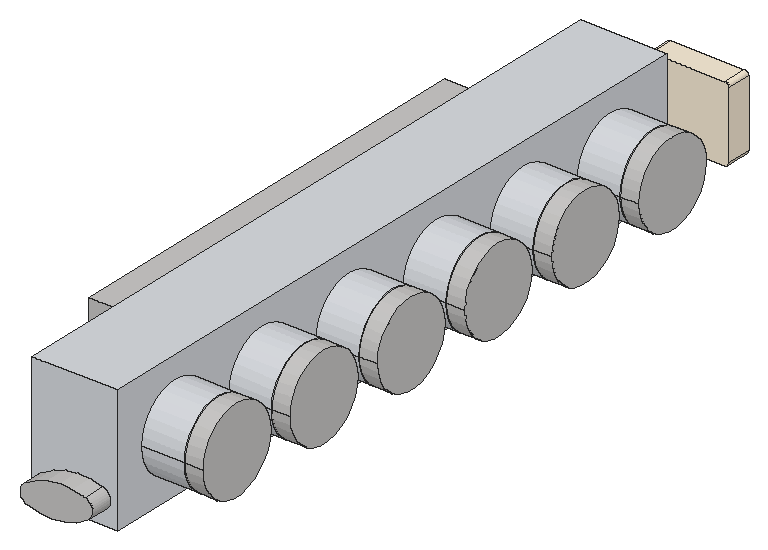
Revit family "HVAC_Ductwork_Airzone_Motorized-Plenum_Mitsubishi-Electric_Standard_6-Dampers", category Mechanical Equipment, Revit 2016
Family settings
  Part Type = Normal
  Round Connector Dimension = Use Diameter
  OmniClass Number = 23.75.70.14
  OmniClass Title = Air Ductwork
  Work Plane-Based = No
  Always vertical = Yes
  Cut with Voids When Loaded = No
  Shared = No
  Room Calculation Point = No
Parameters (values of type "MELST01M6")
  Voltage = 230 V
  URL = "www.airzone.es"
  Type Image Comments = "Image available in product documentation download"  # constant formula
  Revit Model Version = "1.0"  # constant formula
  Revit Model Author URL = "www.a3d.es"
  Revit Model Author = "A3D Consulting"  # constant formula
  Product Documentation Download URL = "http://doc.airzone.es/BIM/Easyzone/Mitsubishi_Electric-Airzone_motorized_plenum.zip"
  Product Comments = "Refer to technical documentation for further details"  # constant formula
  Power Factor = 1
  Neck Width = 1063.600 mm
  Neck Length = 95.000 mm
  Neck Height = 181.600 mm
  Material = Metal - AIRZONE - Galvanized Sheet - Semi-polished
  Main Control Board Material = Plastic - AIRZONE - Smooth - Off-white
  Load Classification = Other
  Insulated Body Width = 205.000 mm  # constant formula
  Insulated Body Material = Metal -AIRZONE - Insulating Lining -Aluminum Finish
  Insulated Body Length = 1638.600 mm  # constant formula
  Insulated Body Height = 300.000 mm  # constant formula
  Flow [instance] = Damper 6 Air Flow + Damper 5 Air Flow + Damper 4 Air Flow + Damper 3 Air Flow + Damper 2 Air Flow + Damper 1 Air Flow - Fresh Air Inlet 2 Flow - Fresh Air Inlet 1 Flow  # 1800 m³/h
  Fresh Air Inlet 1 Flow [instance] = 0 m³/h
  Fresh Air Inlet 2 Flow [instance] = 0 m³/h
  Fresh Air Inlet Connection Width = 175.000 mm
  Fresh Air Inlet Connection Height = 75.000 mm
  Model = "MELST01M6"
  Neck Side Offset = 287.500 mm
  Neck Bottom Offset = 85.200 mm
  Type Image = <None>
  Manufacturer = "AIRZONE"  # constant formula
  Main Control Board Depth = 57.000 mm  # constant formula
  Main Control Board Width = 195.000 mm  # constant formula
  Main Control Board Height = 180.000 mm  # constant formula
  Fixing = ""
  Disclaimer = "All information provided in this model is reviewed before being published. However, Airzone cannot guarantee this model is error-free, therefore users are strongly encouraged to check for technical documentation and updates"  # constant formula
  Description = "Airzone standard motorized plenum with neck that mechanically adapts to the main ducted AC units of Mitsubishi Electric."
  Type Comments = ""
  Dampers Length = 149.000 mm  # constant formula
  Dampers Diameter = 200.000 mm  # constant formula
  Damper 6 Air Flow [instance] = 300 m³/h
  Damper 5 Air Flow [instance] = 300 m³/h
  Damper 4 Air Flow [instance] = 300 m³/h
  Damper 1 Air Flow [instance] = 300 m³/h
  Damper 2 Air Flow [instance] = 300 m³/h
  Damper 3 Air Flow [instance] = 300 m³/h
  Fresh Air Inlet Connection Offset Height = 48.305 mm  # constant formula
  Compatible Accesories = ""
  Apparent Load = 57.5 VA
Types (3, lengths in mm): name | Neck Width | Model | Neck Side Offset
  MELST01XL6 | 1563.600 | "MELST01XL6" | 37.500
  MELST01L6 | 1363.600 | "MELST01L6" | 137.500
  MELST01M6 | 1063.600 | "MELST01M6" | 287.500
Reference planes
  plane 1 "Center (Front/Back)": y = 0
  plane 2 "Center (Elevation)": z = 0
  plane 3 "Center (Left/Right)": x = 0
  plane 4 "Neck Back": y = 531.8
  plane 5 "Neck Front": y = -531.8
  plane 6 "Neck Top": z = 90.8
  plane 7 "Neck Bottom": z = -90.8
  plane 8 "Left": x = 95
  plane 9 "Bottom": z = -176
  plane 10 "Top": z = 124
  plane 11 "Front": y = -819.3
  plane 12 "Back": y = 819.3
  plane 13 "Right": x = 300
  plane 14 "Dampers Front": x = 449
  plane 15 "Dampers Center (Elevation)": z = -26
  plane 16 "Damper3": y = 130
  plane 17 "Damper2": y = 390
  plane 18 "Damper1": y = 650
  plane 19 "Middle": y = 0
  plane 20 "FreshAir Center (Elevation)": z = -127.695
  plane 21 "FreshAir1": y = 871.8
  plane 22 "FreshAir2": y = -871.8
  plane 23 "Dampers Lining": x = 404
  plane 24 "FreshAir Vertical Axis": x = 195.83
  plane 25 "ConnectionBox Side": x = 254
  plane 26 "Main Control Board Center (Left/Right)": x = 351.5
  plane 27 "Damper4": y = -130
  plane 28 "Damper5": y = -390
  plane 29 "Damper6": y = -650
Forms (mm)
  Extrusion 1, solid, material "Metal - AIRZONE - Galvanized Sheet - Semi-polished" <- "Material"
    sketch origin (0, 0, 0) x (0, 1, 0) y (0, 0, 1)
      loop
        line (-531.8, 90.8) -> (-531.8, -90.8) -> (531.8, -90.8) -> (531.8, 90.8) -> (-531.8, 90.8)
    from 0 to 95
  Extrusion 2, solid, material "Metal -AIRZONE - Insulating Lining -Aluminum Finish" <- "Insulated Body Material"
    sketch origin (95, 0, 0) x (0, 1, 0) y (0, 0, 1)
      loop
        line (-819.3, 124) -> (-819.3, -176) -> (819.3, -176) -> (819.3, 124) -> (-819.3, 124)
    from 0 to 205
  Extrusion 3, solid, material "Metal - AIRZONE - Galvanized Sheet - Semi-polished" <- "Material"
    sketch origin (300, 0, 0) x (0, 1, 0) y (0, 0, 1)
      loop
        circle (130, -26) r 100
    from 104 to 149
  Extrusion 4, solid, material "Metal - AIRZONE - Galvanized Sheet - Semi-polished" <- "Material"
    sketch origin (300, 0, 0) x (0, 1, 0) y (0, 0, 1)
      loop
        circle (390, -26) r 100
    from 104 to 149
  Extrusion 5, solid, material "Metal - AIRZONE - Galvanized Sheet - Semi-polished" <- "Material"
    sketch origin (300, 0, 0) x (0, 1, 0) y (0, 0, 1)
      loop
        circle (650, -26) r 100
    from 104 to 149
  Extrusion 6, solid, material "Metal - AIRZONE - Galvanized Sheet - Semi-polished" <- "Material"
    sketch origin (0, -819.3, 0) x (0, 0, 1) y (1, 0, 0)
      loop
        arc (-95.141, 265.204) -> (-116.608, 282.105) -> (-141.312, 270.434) r 25.96
        arc (-141.312, 270.434) -> (-167.302, 200.598) -> (-159.849, 126.456) r 164.67
        arc (-159.849, 126.456) -> (-138.665, 109.589) -> (-113.994, 120.751) r 25.96
        arc (-113.994, 120.751) -> (-87.725, 190.78) -> (-95.141, 265.204) r 164.67
    from 0 to -52.5
  Extrusion 7, solid, material "Metal - AIRZONE - Galvanized Sheet - Semi-polished" <- "Material"
    sketch origin (0, 819.3, 0) x (0, 0, 1) y (1, 0, 0)
      loop
        arc (-95.141, 265.204) -> (-116.325, 282.071) -> (-140.996, 270.909) r 25.96
        arc (-140.996, 270.909) -> (-167.179, 201.53) -> (-160.267, 127.699) r 164.67
        arc (-160.267, 127.699) -> (-139.032, 109.637) -> (-113.678, 121.226) r 25.96
        arc (-113.678, 121.226) -> (-87.688, 191.062) -> (-95.141, 265.204) r 164.67
    from 0 to 52.5
  Extrusion 8, solid, material "Metal -AIRZONE - Insulating Lining -Aluminum Finish" <- "Insulated Body Material"
    sketch origin (300, 0, 0) x (0, 1, 0) y (0, 0, 1)
      loop
        circle (650, -26) r 100
    from 0 to 104
  Extrusion 9, solid, material "Metal -AIRZONE - Insulating Lining -Aluminum Finish" <- "Insulated Body Material"
    sketch origin (300, -260, 0) x (0, 1, 0) y (0, 0, 1)
      loop
        circle (650, -26) r 100
    from 0 to 104
  Extrusion 10, solid, material "Metal -AIRZONE - Insulating Lining -Aluminum Finish" <- "Insulated Body Material"
    sketch origin (300, -520, 0) x (0, 1, 0) y (0, 0, 1)
      loop
        circle (650, -26) r 100
    from 0 to 104
  Extrusion 11, solid, material "Metal - AIRZONE - Galvanized Sheet - Semi-polished" <- "Material"
    sketch origin (300, -190, 0) x (0, 1, 0) y (0, 0, 1)
      loop
        circle (60, -26) r 100
    from 104 to 149
  Extrusion 12, solid, material "Metal -AIRZONE - Insulating Lining -Aluminum Finish" <- "Insulated Body Material"
    sketch origin (300, -710, 0) x (0, 1, 0) y (0, 0, 1)
      loop
        circle (580, -26) r 100
    from 0 to 104
  Extrusion 13, solid, material "Metal -AIRZONE - Insulating Lining -Aluminum Finish" <- "Insulated Body Material"
    sketch origin (300, -970, 0) x (0, 1, 0) y (0, 0, 1)
      loop
        circle (580, -26) r 100
    from 0 to 104
  Extrusion 14, solid, material "Metal - AIRZONE - Galvanized Sheet - Semi-polished" <- "Material"
    sketch origin (300, -450, 0) x (0, 1, 0) y (0, 0, 1)
      loop
        circle (60, -26) r 100
    from 104 to 149
  Extrusion 15, solid, material "Metal -AIRZONE - Insulating Lining -Aluminum Finish" <- "Insulated Body Material"
    sketch origin (300, -1230, 0) x (0, 1, 0) y (0, 0, 1)
      loop
        circle (580, -26) r 100
    from 0 to 104
  Extrusion 16, solid, material "Metal - AIRZONE - Galvanized Sheet - Semi-polished" <- "Material"
    sketch origin (300, -710, 0) x (0, 1, 0) y (0, 0, 1)
      loop
        circle (60, -26) r 100
    from 104 to 149
Lines and regions (mm)
  Masking region 1
    outline origin (0, 0, 0) x (1, 0, 0) y (0, 1, 0)
      loop
        line (95, 819.3) -> (95, -819.3) -> (300, -819.3) -> (300, 819.3) -> (95, 819.3)
  Masking region 2, detail levels medium+fine
    outline origin (0, 0, 0) x (1, 0, 0) y (0, 1, 0)
      loop
        line (0, 531.8) -> (0, -531.8) -> (95, -531.8) -> (95, 531.8) -> (0, 531.8)
  Masking region 3, detail levels medium+fine
    outline origin (0, 0, 0) x (1, 0, 0) y (0, 1, 0)
      loop
        line (300, 230) -> (300, 30) -> (449, 30) -> (449, 230) -> (300, 230)
  Masking region 4, detail levels medium+fine
    outline origin (0, 260, 0) x (1, 0, 0) y (0, 1, 0)
      loop
        line (300, 230) -> (300, 30) -> (449, 30) -> (449, 230) -> (300, 230)
  Masking region 5, detail levels medium+fine
    outline origin (0, 520, 0) x (1, 0, 0) y (0, 1, 0)
      loop
        line (300, 230) -> (300, 30) -> (449, 30) -> (449, 230) -> (300, 230)
  Masking region 6, detail levels medium+fine
    outline origin (0, 0, -127.695) x (1, 0, 0) y (0, 1, 0)
      loop
        line (108.33, 871.8) -> (108.33, 819.3) -> (283.33, 819.3) -> (283.33, 871.8) -> (108.33, 871.8)
  Masking region 7, detail levels medium+fine
    outline origin (0, 0, -127.695) x (1, 0, 0) y (0, 1, 0)
      loop
        line (108.33, -819.3) -> (108.33, -871.8) -> (283.33, -871.8) -> (283.33, -819.3) -> (108.33, -819.3)
  Masking region 8, detail levels medium+fine
    outline origin (0, 0, 124) x (0, -1, 0) y (1, 0, 0)
      loop
        line (-876.3, 254) -> (-819.3, 254) -> (-819.3, 449) -> (-876.3, 449) -> (-876.3, 254)
  Masking region 9, detail levels medium+fine
    outline origin (0, -190, 0) x (1, 0, 0) y (0, 1, 0)
      loop
        line (300, 160) -> (300, -40) -> (449, -40) -> (449, 160) -> (300, 160)
  Masking region 10, detail levels medium+fine
    outline origin (0, -450, 0) x (1, 0, 0) y (0, 1, 0)
      loop
        line (300, 160) -> (300, -40) -> (449, -40) -> (449, 160) -> (300, 160)
  Masking region 11, detail levels medium+fine
    outline origin (0, -710, 0) x (1, 0, 0) y (0, 1, 0)
      loop
        line (300, 160) -> (300, -40) -> (449, -40) -> (449, 160) -> (300, 160)
  symbolic lines, detail levels coarse
    curve 1: line (95, -819.3, 0) -> (300, 130, 0)
    curve 2: line (300, 130, 0) -> (95, 819.3, 0)
Dimensions and locks
  equal spacing: plane 4 "Neck Back", plane 1 "Center (Front/Back)", plane 5 "Neck Front"
  "Neck Width": plane 4 "Neck Back" to plane 5 "Neck Front"
  equal spacing: plane 6 "Neck Top", level, plane 7 "Neck Bottom"
  "Neck Height": plane 6 "Neck Top" to plane 7 "Neck Bottom"
  "Neck Length": plane 3 "Center (Left/Right)" to plane 8 "Left"
  "Neck Bottom Offset": plane 7 "Neck Bottom" to plane 9 "Bottom"
  "Insulated Body Height": plane 10 "Top" to plane 9 "Bottom"
  "Insulated Body Length": plane 12 "Back" to plane 11 "Front"
  "Insulated Body Width": plane 8 "Left" to plane 13 "Right"
  "Dampers Length": plane 13 "Right" to plane 14 "Dampers Front"
  equal spacing: plane 10 "Top", plane 15 "Dampers Center (Elevation)", plane 9 "Bottom"
  equal spacing: plane 12 "Back", plane 19 "Middle", plane 11 "Front"
  plane 8 "Left" to plane 13 "Right" = 205.000 mm
  "Fresh Air Inlet Connection Offset Height": plane 20 "FreshAir Center (Elevation)" to plane 9 "Bottom"
  locked: Extrusion 6 sketch curve to plane 9 "Bottom" at 56.47
  locked: plane 13 "Right" to Extrusion 6 sketch curve at 43.69
  locked: plane 13 "Right" to Extrusion 6 sketch curve at 164.65
  locked: Extrusion 6 sketch curve to plane 9 "Bottom" at 40.54
  locked: plane 13 "Right" to Extrusion 6 sketch curve at 87.91
  locked: plane 9 "Bottom" to Extrusion 6 sketch curve at 75.01
  locked: plane 13 "Right" to Extrusion 6 sketch curve at 120.43
  locked: Extrusion 6 sketch curve to plane 9 "Bottom" at 172.02
  locked: plane 13 "Right" to Extrusion 7 sketch curve at 43.69
  locked: Extrusion 7 sketch curve to plane 9 "Bottom" at 56.47
  locked: Extrusion 7 sketch curve to plane 9 "Bottom" at 40.54
  locked: plane 13 "Right" to Extrusion 7 sketch curve at 164.65
  locked: plane 13 "Right" to Extrusion 7 sketch curve at 120.43
  locked: Extrusion 7 sketch curve to plane 9 "Bottom" at 172.02
  locked: plane 9 "Bottom" to Extrusion 7 sketch curve at 75.01
  locked: plane 13 "Right" to Extrusion 7 sketch curve at 87.91
  "Neck Side Offset": plane 12 "Back" to plane 4 "Neck Back"
  locked: plane 21 "FreshAir1" to plane 12 "Back" at 52.5
  plane 11 "Front" to plane 22 "FreshAir2" = 52.500 mm
  locked: connector elem to plane 13 "Right" at 104.17
  locked: plane 20 "FreshAir Center (Elevation)" to connector elem
  locked: plane 13 "Right" to connector elem at 104.17
  locked: connector elem to plane 20 "FreshAir Center (Elevation)"
  locked: plane 23 "Dampers Lining" to plane 14 "Dampers Front" at 45
  locked: plane 24 "FreshAir Vertical Axis" to plane 13 "Right" at 104.17
  equal spacing: Masking region 3 sketch curve, plane 16 "Damper3", Masking region 3 sketch curve
  "Dampers Diameter": Masking region 3 sketch curve to Masking region 3 sketch curve
  "Dampers Diameter": Masking region 4 sketch curve to Masking region 4 sketch curve
  equal spacing: Masking region 5 sketch curve, plane 18 "Damper1", Masking region 5 sketch curve
  "Dampers Diameter": Masking region 5 sketch curve to Masking region 5 sketch curve
  equal spacing: Masking region 6 sketch curve, plane 24 "FreshAir Vertical Axis", Masking region 6 sketch curve
  "Fresh Air Inlet Connection Width": Masking region 6 sketch curve to Masking region 6 sketch curve
  equal spacing: Masking region 7 sketch curve, plane 24 "FreshAir Vertical Axis", Masking region 7 sketch curve
  "Fresh Air Inlet Connection Width": Masking region 7 sketch curve to Masking region 7 sketch curve
  "Main Control Board Depth": Masking region 8 sketch curve to plane 12 "Back"
  "Main Control Board Width": plane 25 "ConnectionBox Side" to plane 14 "Dampers Front"
  equal spacing: plane 25 "ConnectionBox Side", plane 26 "Main Control Board Center (Left/Right)", plane 14 "Dampers Front"
  locked: nested 1 to plane 10 "Top" at 10
  equal spacing: Masking region 4 sketch curve, plane 17 "Damper2", Masking region 4 sketch curve
  equal spacing: Masking region 9 sketch curve, plane 27 "Damper4", Masking region 9 sketch curve
  "Dampers Diameter": Masking region 9 sketch curve to Masking region 9 sketch curve
  plane 18 "Damper1" to plane 17 "Damper2" to plane 16 "Damper3" to plane 27 "Damper4" to plane 28 "Damper5" to plane 29 "Damper6" = 260.000 mm locked, 260.000 mm locked, 260.000 mm locked, 260.000 mm locked, 260.000 mm locked
  locked: plane 16 "Damper3" to plane 19 "Middle" at 130
  equal spacing: Masking region 10 sketch curve, plane 28 "Damper5", Masking region 10 sketch curve
  "Dampers Diameter": Masking region 10 sketch curve to Masking region 10 sketch curve
  equal spacing: Masking region 11 sketch curve, plane 29 "Damper6", Masking region 11 sketch curve
  "Dampers Diameter": Masking region 11 sketch curve to Masking region 11 sketch curve
  "Dampers Diameter": diameter of Extrusion 3 sketch curve
  "Dampers Diameter": diameter of Extrusion 4 sketch curve
  "Dampers Diameter": diameter of Extrusion 5 sketch curve
  radius of Extrusion 7 sketch curve = 164.670 mm  (x2)
  radius of Extrusion 7 sketch curve = 25.960 mm  (x2)
  radius of Extrusion 6 sketch curve = 164.670 mm  (x2)
  radius of Extrusion 6 sketch curve = 25.960 mm  (x2)
  "Dampers Diameter": diameter of Extrusion 8 sketch curve
  "Dampers Diameter": diameter of Extrusion 9 sketch curve
  "Dampers Diameter": diameter of Extrusion 10 sketch curve
  "Dampers Diameter": diameter of Extrusion 11 sketch curve
  "Dampers Diameter": diameter of Extrusion 12 sketch curve
  "Dampers Diameter": diameter of Extrusion 13 sketch curve
  "Dampers Diameter": diameter of Extrusion 14 sketch curve
  "Dampers Diameter": diameter of Extrusion 15 sketch curve
  "Dampers Diameter": diameter of Extrusion 16 sketch curve
  aligned and locked: level to plane 2 "Center (Elevation)"
  aligned and locked: plane 5 "Neck Front" to Extrusion 1 sketch curve
  aligned and locked: Extrusion 1 sketch curve to plane 6 "Neck Top"
  aligned and locked: Extrusion 1 sketch curve to plane 4 "Neck Back"
  aligned and locked: plane 7 "Neck Bottom" to Extrusion 1 sketch curve
  aligned and locked: Extrusion 1 to plane 3 "Center (Left/Right)"
  aligned and locked: Extrusion 2 sketch curve to plane 10 "Top"
  aligned and locked: Extrusion 2 sketch curve to plane 12 "Back"
  aligned and locked: Extrusion 2 sketch curve to plane 9 "Bottom"
  aligned and locked: plane 11 "Front" to Extrusion 2 sketch curve
  aligned and locked: Extrusion 2 to plane 13 "Right"
  aligned and locked: Extrusion 2 to plane 8 "Left"
  aligned and locked: plane 16 "Damper3" to Extrusion 3 sketch curve
  aligned and locked: plane 15 "Dampers Center (Elevation)" to Extrusion 3 sketch curve
  aligned and locked: plane 15 "Dampers Center (Elevation)" to Extrusion 4 sketch curve
  aligned and locked: plane 18 "Damper1" to Extrusion 5 sketch curve
  aligned and locked: plane 15 "Dampers Center (Elevation)" to Extrusion 5 sketch curve
  aligned and locked: plane 14 "Dampers Front" to Extrusion 5
  aligned and locked: plane 14 "Dampers Front" to Extrusion 4
  aligned and locked: plane 14 "Dampers Front" to Extrusion 3
  aligned and locked: plane 8 "Left" to Extrusion 1
  aligned and locked: plane 22 "FreshAir2" to Extrusion 6
  aligned and locked: plane 21 "FreshAir1" to Extrusion 7
  aligned and locked: Extrusion 7 to plane 12 "Back"
  aligned and locked: plane 11 "Front" to Extrusion 6
  aligned and locked: Extrusion 5 to plane 23 "Dampers Lining"
  aligned and locked: Extrusion 5 to Extrusion 4
  aligned and locked: Extrusion 4 to Extrusion 3
  aligned and locked: plane 23 "Dampers Lining" to Extrusion 8
  aligned and locked: Extrusion 10 to plane 13 "Right"
  aligned and locked: plane 23 "Dampers Lining" to Extrusion 10
  aligned and locked: Extrusion 9 to plane 13 "Right"
  aligned and locked: plane 23 "Dampers Lining" to Extrusion 9
  aligned and locked: Extrusion 8 to plane 13 "Right"
  aligned and locked: Extrusion 9 to Extrusion 8
  aligned and locked: plane 18 "Damper1" to Extrusion 8 sketch curve
  aligned and locked: plane 15 "Dampers Center (Elevation)" to Extrusion 8 sketch curve
  aligned and locked: plane 15 "Dampers Center (Elevation)" to Extrusion 9 sketch curve
  aligned and locked: plane 16 "Damper3" to Extrusion 10 sketch curve
  aligned and locked: plane 15 "Dampers Center (Elevation)" to Extrusion 10 sketch curve
  aligned and locked: Masking region 1 sketch curve to plane 12 "Back"
  aligned and locked: Masking region 1 sketch curve to plane 8 "Left"
  aligned and locked: Masking region 1 sketch curve to plane 13 "Right"
  aligned and locked: plane 11 "Front" to Masking region 1 sketch curve
  aligned and locked: plane 5 "Neck Front" to Masking region 2 sketch curve
  aligned and locked: plane 3 "Center (Left/Right)" to Masking region 2 sketch curve
  aligned and locked: Masking region 2 sketch curve to plane 4 "Neck Back"
  aligned and locked: Masking region 2 sketch curve to plane 8 "Left"
  aligned and locked: plane 13 "Right" to Masking region 3 sketch curve
  aligned and locked: Masking region 3 sketch curve to plane 14 "Dampers Front"
  aligned and locked: plane 13 "Right" to Masking region 4 sketch curve
  aligned and locked: Masking region 4 sketch curve to plane 14 "Dampers Front"
  aligned and locked: plane 13 "Right" to Masking region 5 sketch curve
  aligned and locked: Masking region 5 sketch curve to plane 14 "Dampers Front"
  aligned and locked: plane 12 "Back" to Masking region 6 sketch curve
  aligned and locked: Masking region 6 sketch curve to plane 21 "FreshAir1"
  aligned and locked: Masking region 7 sketch curve to plane 11 "Front"
  aligned and locked: Masking region 7 sketch curve to plane 22 "FreshAir2"
  aligned and locked: plane 12 "Back" to Masking region 8 sketch curve
  aligned and locked: Masking region 8 sketch curve to plane 14 "Dampers Front"
  aligned and locked: plane 25 "ConnectionBox Side" to Masking region 8 sketch curve
  aligned and locked: plane 17 "Damper2" to Extrusion 9 sketch curve
  aligned and locked: plane 17 "Damper2" to Extrusion 4 sketch curve
  aligned and locked: Masking region 9 sketch curve to plane 14 "Dampers Front"
  aligned and locked: plane 13 "Right" to Masking region 9 sketch curve
  aligned and locked: Extrusion 12 to plane 13 "Right"
  aligned and locked: plane 23 "Dampers Lining" to Extrusion 12
  aligned and locked: Extrusion 11 to plane 23 "Dampers Lining"
  aligned and locked: plane 14 "Dampers Front" to Extrusion 11
  aligned and locked: plane 15 "Dampers Center (Elevation)" to Extrusion 12 sketch curve
  aligned and locked: plane 27 "Damper4" to Extrusion 12 sketch curve
  aligned and locked: plane 15 "Dampers Center (Elevation)" to Extrusion 11 sketch curve
  aligned and locked: plane 27 "Damper4" to Extrusion 11 sketch curve
  aligned and locked: Masking region 10 sketch curve to plane 14 "Dampers Front"
  aligned and locked: plane 13 "Right" to Masking region 10 sketch curve
  aligned and locked: plane 28 "Damper5" to Extrusion 13 sketch curve
  aligned and locked: plane 15 "Dampers Center (Elevation)" to Extrusion 13 sketch curve
  aligned and locked: Extrusion 14 to plane 23 "Dampers Lining"
  aligned and locked: plane 14 "Dampers Front" to Extrusion 14
  aligned and locked: plane 15 "Dampers Center (Elevation)" to Extrusion 14 sketch curve
  aligned and locked: plane 28 "Damper5" to Extrusion 14 sketch curve
  aligned and locked: Masking region 11 sketch curve to plane 14 "Dampers Front"
  aligned and locked: plane 13 "Right" to Masking region 11 sketch curve
  aligned and locked: Extrusion 15 to plane 13 "Right"
  aligned and locked: plane 23 "Dampers Lining" to Extrusion 15
  aligned and locked: plane 29 "Damper6" to Extrusion 15 sketch curve
  aligned and locked: plane 15 "Dampers Center (Elevation)" to Extrusion 15 sketch curve
  aligned and locked: plane 14 "Dampers Front" to Extrusion 16
  aligned and locked: Extrusion 16 to plane 23 "Dampers Lining"
  aligned and locked: plane 15 "Dampers Center (Elevation)" to Extrusion 16 sketch curve
  aligned and locked: plane 29 "Damper6" to Extrusion 16 sketch curve
  aligned and locked: nested 1 to plane 26 "Main Control Board Center (Left/Right)"
Automatic sketch dimensions
  curve 2 to plane 8 "Left" = 0.000 mm
  curve 1 to plane 8 "Left" = 0.000 mm
  curve 2 to plane 13 "Right" = 0.000 mm
  curve 1 to plane 11 "Front" = 0.000 mm
  curve 2 to plane 16 "Damper3" = 0.000 mm
  curve 2 to plane 12 "Back" = 0.000 mm
Nested families
  nested 1: "Airzone_Main-Control-Board" at (351.5, 819.3, 24) x (-1, 0, 0) z (0, 1, 0), Extrusion <- "Main Control Board Depth", Height <- "Main Control Board Height", Width <- "Main Control Board Width", Material <- "Main Control Board Material", type "Standard"
    with Width 195.000 mm, Material Plastic - AIRZONE - Smooth - Off-white, Height 180.000 mm, Extrusion 57.000 mm
Connectors
  hvac at (449, 130, -26), driven by "Damper 3 Air Flow", driven by "Dampers Diameter"
    settings: on Extrusion 3, index 1, duct flow 300 m³/h, flow factor 0, pres drop 0.0 Pa, loss coef 0, conn angle 0.00°, conn width 304.8 mm, conn height 304.8 mm, conn diameter 200 mm, duct sys type 1, conn prof type 0, flow config 0, flow direction 2, loss method 0, conn ref index -1, conn util no, is conn primary no, conn desc "Supply Air Out 3"
  hvac at (449, 390, -26), driven by "Damper 2 Air Flow", driven by "Dampers Diameter"
    settings: on Extrusion 4, index 2, duct flow 300 m³/h, flow factor 0, pres drop 0.0 Pa, loss coef 0, conn angle 0.00°, conn width 304.8 mm, conn height 304.8 mm, conn diameter 200 mm, duct sys type 1, conn prof type 0, flow config 0, flow direction 2, loss method 0, conn ref index -1, conn util no, is conn primary no, conn desc "Supply Air Out 2"
  hvac at (449, 650, -26), driven by "Damper 1 Air Flow", driven by "Dampers Diameter"
    settings: on Extrusion 5, index 3, duct flow 300 m³/h, flow factor 0, pres drop 0.0 Pa, loss coef 0, conn angle 0.00°, conn width 304.8 mm, conn height 304.8 mm, conn diameter 200 mm, duct sys type 1, conn prof type 0, flow config 0, flow direction 2, loss method 0, conn ref index -1, conn util no, is conn primary no, conn desc "Supply Air Out 1"
  hvac at (0, 0, 0), driven by "Flow", driven by "Neck Height", driven by "Neck Width"
    settings: on Extrusion 1, index 6, duct flow 1800 m³/h, flow factor 0, pres drop 0.0 Pa, loss coef 0, conn angle 0.00°, conn width 1063.6 mm, conn height 181.6 mm, conn diameter 609.6 mm, duct sys type 1, conn prof type 1, flow config 1, flow direction 1, loss method 0, conn ref index -1, conn util no, is conn primary yes, conn desc "Supply Air In"
  hvac at (195.83, -871.8, -127.695), driven by "Fresh Air Inlet 2 Flow", driven by "Fresh Air Inlet Connection Width", driven by "Fresh Air Inlet Connection Height"
    settings: index 7, duct flow 0 m³/h, flow factor 0, pres drop 0.0 Pa, loss coef 0, conn angle 0.00°, conn width 175 mm, conn height 75 mm, conn diameter 609.6 mm, duct sys type 1, conn prof type 2, flow config 1, flow direction 1, loss method 0, conn ref index -1, conn util no, is conn primary no, conn desc "Fresh Air In 2"
  hvac at (195.83, 871.8, -127.695), driven by "Fresh Air Inlet 1 Flow", driven by "Fresh Air Inlet Connection Height", driven by "Fresh Air Inlet Connection Width"
    settings: index 8, duct flow 0 m³/h, flow factor 0, pres drop 0.0 Pa, loss coef 0, conn angle 0.00°, conn width 175 mm, conn height 75 mm, conn diameter 609.6 mm, duct sys type 1, conn prof type 2, flow config 1, flow direction 1, loss method 0, conn ref index -1, conn util no, is conn primary no, conn desc "Fresh Air In 1"
  hvac at (449, -130, -26), driven by "Damper 4 Air Flow", driven by "Dampers Diameter"
    settings: on Extrusion 11, index 9, duct flow 300 m³/h, flow factor 0, pres drop 0.0 Pa, loss coef 0, conn angle 0.00°, conn width 304.8 mm, conn height 304.8 mm, conn diameter 200 mm, duct sys type 1, conn prof type 0, flow config 0, flow direction 2, loss method 0, conn ref index -1, conn util no, is conn primary no, conn desc "Supply Air Out 4"
  hvac at (449, -390, -26), driven by "Damper 5 Air Flow", driven by "Dampers Diameter"
    settings: on Extrusion 14, index 10, duct flow 300 m³/h, flow factor 0, pres drop 0.0 Pa, loss coef 0, conn angle 0.00°, conn width 304.8 mm, conn height 304.8 mm, conn diameter 200 mm, duct sys type 1, conn prof type 0, flow config 0, flow direction 2, loss method 0, conn ref index -1, conn util no, is conn primary no, conn desc "Supply Air Out 5"
  hvac at (449, -650, -26), driven by "Damper 6 Air Flow", driven by "Dampers Diameter"
    settings: on Extrusion 16, index 11, duct flow 300 m³/h, flow factor 0, pres drop 0.0 Pa, loss coef 0, conn angle 0.00°, conn width 304.8 mm, conn height 304.8 mm, conn diameter 200 mm, duct sys type 1, conn prof type 0, flow config 0, flow direction 2, loss method 0, conn ref index -1, conn util no, is conn primary no, conn desc "Supply Air Out 6"
  electrical at (351.5, 876.3, 24), driven by "Load Classification", driven by "Voltage", driven by "Apparent Load", driven by "Power Factor"
    settings: on nested 1, index 12, voltage 230 V, apparent load 57.5 VA, apparent load phase1 0 VA, apparent load phase2 0 VA, apparent load phase3 0 VA, power factor 1, load classification "Other", number of poles 1, system type 30, power factor state 1, is connector primary yes, connector utility no, sub classification motor no, connector description "Power Supply"
Definition of nested family "Airzone_Main-Control-Board"
  Parameters (values of type "Standard")
    Width [instance] = 195.000 mm
    URL = "www.airzone.es"
    Revit Model Version = "1.0"  # constant formula
    Revit Model Author URL = "www.a3d.es"
    Revit Model Author = "A3D Consulting"  # constant formula
    Material [instance] = none
    Manufacturer = "AIRZONE"  # constant formula
    Height [instance] = 180.000 mm
    Extrusion [instance] = 57.000 mm
    Default Elevation = 0.000 mm
  Reference planes
    plane 1 "Center (Front/Back)": y = 0
    plane 2: z = 0
    plane 3 "Center (Left/Right)": x = 0
    plane 4: y = 90
    plane 5: y = -90
    plane 6: x = 97.5
    plane 7: x = -97.5
  Forms (mm)
    Extrusion 1, solid, material <- "Material"
      sketch origin (0, 0, 0) x (1, 0, 0) y (0, 1, 0)
        loop
          arc (-87.5, 90) -> (-94.571, 87.071) -> (-97.5, 80) r 10
          line (-97.5, 80) -> (-97.5, -80)
          arc (-97.5, -80) -> (-94.571, -87.071) -> (-87.5, -90) r 10
          line (-87.5, -90) -> (87.5, -90)
          arc (87.5, -90) -> (94.571, -87.071) -> (97.5, -80) r 10
          line (97.5, -80) -> (97.5, 80)
          arc (97.5, 80) -> (94.571, 87.071) -> (87.5, 90) r 10
          line (87.5, 90) -> (-87.5, 90)
      from 0 to 57 <- "Extrusion"
  Dimensions and locks
    equal spacing: plane 7, plane 3 "Center (Left/Right)", plane 6
    equal spacing: plane 4, plane 1 "Center (Front/Back)", plane 5
    "Width": plane 7 to plane 6
    "Height": plane 4 to plane 5
    radius of Extrusion 1 sketch curve = 10.000 mm  (x4)
    aligned and locked: level to plane 2
    aligned and locked: plane 5 to Extrusion 1 sketch curve
    aligned and locked: Extrusion 1 sketch curve to plane 6
    aligned and locked: Extrusion 1 sketch curve to plane 4
    aligned and locked: plane 7 to Extrusion 1 sketch curve
